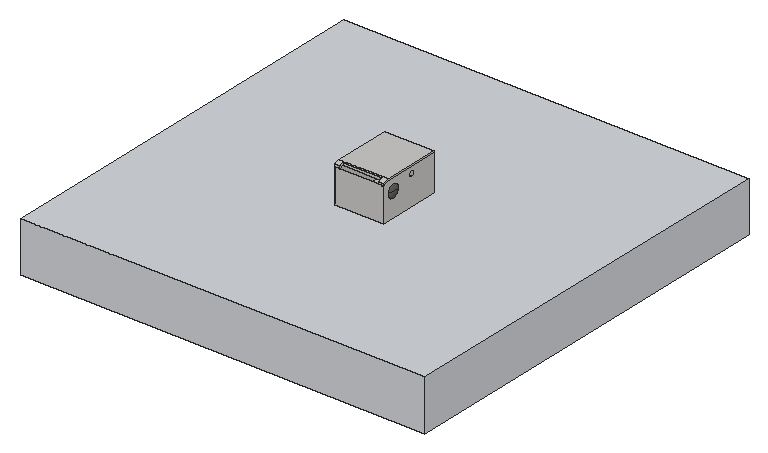
Revit family
Parameters (values of type "B-2860")
  URL = "http://www.bobrick.com"
  Type Comments = "Satin Finish"
  Model = "B-2860"
  Manufacturer = "Bobrick Washroom Equipment, Inc."
  Finish Material = Stainless Steel - Bobrick - Satin
  Description = "Surface-Mounted Roll Towel Dispenser"
  Default Elevation = 5' - 0"
  Assembly Code = "C1030200"
  ADA Compliant = yes
Types (2): name | Description | Default Elevation
  B-2860 | "Surface-Mounted Roll Towel Dispenser" | 5' - 0"
  Roll_Towel_Dispenser-Bobrick-B2860-Surface_Mounted | "" | 4' - 0"
Reference planes (in)
  plane 1 "Center (Front/Back)": y = 0
  plane 2: z = 0
  plane 3 "Center (Left/Right)": x = 0
  plane 4 "Left": x = -5.84375
  plane 5 "Right": x = 5.84375
  plane 6 "Top": y = 7.5
  plane 7 "Bottom": y = -7.5
  plane 8: z = 8.9375
  plane 9: z = 8.4375
  plane 10: z = 7.1875
  plane 11: z = 8.0625
  plane 12: x = 5.78125
  plane 13: y = 3.1875
  plane 14: y = 2.8125
  plane 15: y = 0.625
  plane 16: y = -4.75
  plane 17: y = -6.25
  plane 18: z = 5.875
  plane 19: x = -5.78125
  plane 20: x = -4.65625
  plane 21: x = 4.65625
  plane 22: y = -6.5
  plane 23: y = -7.4375
  plane 24: y = 7.4375
  plane 25: z = 0.0625
  plane 26: x = 6.21875
  plane 27: x = 5.96875
  plane 28: z = 5.1875
Forms (in)
  Extrusion 1, solid
    sketch origin (0, 0, 0) x (1, 0, 0) y (0, 1, 0)
      loop
        line (-48, 48) -> (-48, -48) -> (48, -48) -> (48, 48) -> (-48, 48)
    from 0 to -12
  Extrusion 2, solid, material "Stainless Steel - Bobrick - Satin" <- "Finish Material"
    sketch origin (0, 0, 0) x (0, -1, 0) y (0, 0, -1)
      loop
        line (-7.5, 0) -> (-7.5, -8.4375) -> (6.10048, -8.4375) -> (7.5, -8.0625) -> (7.5, 0) -> (-7.5, 0)
    from 5.78125 to 5.84375
  Extrusion 3, solid, material "Stainless Steel - Bobrick - Satin" <- "Finish Material"
    sketch origin (-8.75, 0, 0) x (0, -1, 0) y (0, 0, -1)
      loop
        line (-7.5, 0) -> (-7.5, -8.4375) -> (6.10048, -8.4375) -> (7.5, -8.0625) -> (7.5, 0) -> (-7.5, 0)
    from 2.90625 to 2.96875
  Extrusion 4, solid, material "Stainless Steel - Bobrick - Satin" <- "Finish Material"
    sketch origin (0, 0, 0) x (0, 1, 0) y (0, 0, 1)
      loop
        line (7.5, 8.4375) -> (7.5, 8.9375) -> (-6.10048, 8.9375) -> (-7.5, 8.5625) -> (-7.5, 8.0625) -> (-6.10048, 8.4375) -> (7.5, 8.4375)
    from -5.84375 to 5.84375
  Extrusion 5, void
    sketch origin (0, 0, 0) x (1, 0, 0) y (0, 1, 0)
      loop
        line (-4.65625, -6.5) -> (-4.65625, -7.5) -> (4.65625, -7.5) -> (4.65625, -6.5) -> (-4.65625, -6.5)
    from 8.0625 to 8.9375
  Extrusion 6, solid, material "Stainless Steel - Bobrick - Satin" <- "Finish Material"
    sketch origin (0, 0, 0) x (0, 1, 0) y (0, 0, 1)
      loop
        line (7.5, 8.4375) -> (7.4375, 8.4375) -> (7.4375, 0) -> (7.5, 0) -> (7.5, 8.4375)
    from -5.84375 to 5.84375
  Extrusion 7, solid, material "Stainless Steel - Bobrick - Satin" <- "Finish Material"
    sketch origin (0, 0, 0) x (1, 0, 0) y (0, 1, 0)
      loop
        line (-5.84375, 7.5) -> (-5.84375, -7.5) -> (5.84375, -7.5) -> (5.84375, 7.5) -> (-5.84375, 7.5)
    from 0 to 0.0625
  Extrusion 8, solid, material "Stainless Steel - Bobrick - Satin" <- "Finish Material"
    sketch origin (0, 0, 0) x (0, 1, 0) y (0, 0, 1)
      loop
        line (-7.5, 0) -> (-7.4375, 0) -> (-7.4375, 8.07925) -> (-7.5, 8.0625) -> (-7.5, 0)
    from -5.84375 to 5.84375
  Revolve 9, solid, material "Paint - Bobrick - Black", detail levels medium+fine
    sketch origin (0, 0, 5.875) x (1, 0, 0) y (0, 1, 0)
      loop
        line (6.21875, -4.75) -> (5.84375, -4.75) -> (5.84375, -6.3125)
        arc (5.84375, -6.3125) -> (6.12369, -5.55344) -> (6.21875, -4.75) r 3.44271
      axis (5.84375, -4.75) -> (6.21875, -4.75)
    angle from 0 to 360
  Extrusion 10, solid, material "Stainless Steel - Bobrick - Satin" <- "Finish Material", detail levels fine
    sketch origin (0, 0, 0) x (0, 1, 0) y (0, 0, 1)
      loop
        circle (0.625, 7.1875) r 0.46875
    from 5.84375 to 5.96875
Cuts and joins
  Extrusion 5 cuts Extrusion 4
  joined: Extrusion 2, Extrusion 3, Extrusion 6, Extrusion 7, Extrusion 8
Lines and regions (in)
  Masking region 1
    outline origin (0, 0, 0) x (1, 0, 0) y (0, 1, 0)
      loop
        line (-5.84375, 7.5) -> (-5.84375, -7.5) -> (5.84375, -7.5) -> (5.84375, 7.5) -> (-5.84375, 7.5)
  Masking region 2, detail levels fine
    outline origin (0, 0, 0) x (1, 0, 0) y (0, 1, 0)
      loop
        line (5.84375, -3.1875) -> (5.84375, -6.3125)
        arc (5.84375, -6.3125) -> (6.21875, -4.75) -> (5.84375, -3.1875) r 3.44271
  Masking region 3, detail levels fine
    outline origin (0, 0, 0) x (1, 0, 0) y (0, 1, 0)
      loop
        line (5.84375, 1.09375) -> (5.84375, 0.15625) -> (5.96875, 0.15625) -> (5.96875, 1.09375) -> (5.84375, 1.09375)
  Masking region 4
    outline origin (0, 0, 0) x (1, 0, 0) y (0, 0, 1)
      loop
        line (-5.84375, 8.9375) -> (-5.84375, 0) -> (5.84375, 0) -> (5.84375, 8.9375) -> (-5.84375, 8.9375)
  Masking region 5, detail levels fine
    outline origin (0, 0, 0) x (1, 0, 0) y (0, 0, 1)
      loop
        line (5.84375, 7.4375) -> (5.84375, 4.3125)
        arc (5.84375, 4.3125) -> (6.21875, 5.875) -> (5.84375, 7.4375) r 3.44271
  Masking region 6
    outline origin (0, 0, 0) x (0, 1, 0) y (0, 0, 1)
      loop
        line (7.5, 0) -> (7.5, 8.9375) -> (-6.10048, 8.9375) -> (-7.5, 8.5625) -> (-7.5, 0) -> (7.5, 0)
  symbolic lines, style "Restroom Accessories"
    curve 1: line (-4.65625, -7.5, 0) -> (-4.65625, -6.5, 0)
    curve 2: line (-4.65625, -6.5, 0) -> (4.65625, -6.5, 0)
    curve 3: line (4.65625, -6.5, 0) -> (4.65625, -7.5, 0)
    curve 4: line (-5.84375, 0, 8.4375) -> (5.84375, 0, 8.4375)
    curve 5: line (0, -6.10048, 8.4375) -> (0, -7.5, 8.0625)
    curve 6: line (0, 7.5, 8.4375) -> (0, -6.10048, 8.4375)
  symbolic lines, style "Restroom Accessories", detail levels fine
    curve 7: arc (0, -6.3125, 5.875) -> (0, -4.75, 4.3125) -> (0, -3.1875, 5.875) r 1.5625
    curve 8: arc (0, -3.1875, 5.875) -> (0, -4.75, 7.4375) -> (0, -6.3125, 5.875) r 1.5625
    curve 9: arc (0, 0.15625, 7.1875) -> (0, 0.625, 6.71875) -> (0, 1.09375, 7.1875) r 0.46875
    curve 10: arc (0, 1.09375, 7.1875) -> (0, 0.625, 7.65625) -> (0, 0.15625, 7.1875) r 0.46875
    curve 11: arc (0, 3.1825, 7) -> (0, 2.995, 7.1875) -> (0, 2.8075, 7) r 0.1875
    curve 12: arc (0, 2.8075, 5.375) -> (0, 2.995, 5.1875) -> (0, 3.1825, 5.375) r 0.1875
    curve 13: line (0, 2.8075, 7) -> (0, 2.8075, 5.375)
    curve 14: line (0, 3.1825, 7) -> (0, 3.1825, 5.375)
Dimensions and locks (in)
  equal spacing: plane 4 "Left", plane 3 "Center (Left/Right)", plane 5 "Right"
  locked: plane 4 "Left" to plane 5 "Right" at 11.6875
  equal spacing: plane 6 "Top", plane 1 "Center (Front/Back)", plane 7 "Bottom"
  locked: plane 6 "Top" to plane 7 "Bottom" at 15
  locked: plane 8 to plane 2 at 8.9375
  locked: plane 8 to plane 9 at 0.5
  locked: plane 8 to plane 10 at 1.75
  plane 5 "Right" to plane 4 "Left" = 0' - 11 11/16"
  plane 6 "Top" to plane 7 "Bottom" = 1' - 3"
  locked: plane 11 to plane 2 at 8.0625
  locked: plane 12 to plane 5 "Right" at 0.0625
  locked: plane 13 to plane 6 "Top" at 4.3125
  locked: plane 14 to plane 13 at 0.375
  locked: plane 15 to plane 6 "Top" at 6.875
  locked: plane 7 "Bottom" to plane 16 at 2.75
  locked: plane 7 "Bottom" to plane 17 at 1.25
  locked: plane 8 to plane 18 at 3.0625
  plane 13 to plane 6 "Top" = 0' - 4 5/16"
  plane 7 "Bottom" to plane 16 = 0' - 2 3/4"
  plane 7 "Bottom" to plane 17 = 0' - 1 1/4"
  plane 14 to plane 13 = 0' - 0 3/8"
  plane 15 to plane 6 "Top" = 0' - 6 7/8"
  plane 8 to plane 10 = 0' - 1 3/4"
  locked: plane 4 "Left" to plane 20 at 1.1875
  locked: plane 5 "Right" to plane 21 at 1.1875
  locked: plane 4 "Left" to plane 19 at 0.0625
  locked: plane 7 "Bottom" to plane 22 at 1
  locked: plane 7 "Bottom" to plane 23 at 0.0625
  locked: plane 6 "Top" to plane 24 at 0.0625
  locked: plane 25 to plane 2 at 0.0625
  plane 8 to plane 18 = 0' - 3 1/16"
  locked: plane 5 "Right" to plane 26 at 0.375
  locked: plane 27 to plane 5 "Right" at 0.125
  plane 10 to plane 28 = 0' - 2"
  locked: Extrusion 4 sketch curve to plane 17 at 0.14952  (x2)
  locked: Extrusion 4 sketch curve to plane 9 at 0.125
  locked: Extrusion 2 sketch curve to plane 17 at 0.14952
  locked: Revolve 9 sketch curve to plane 5 "Right" at 3.06771
  locked: plane 16 to Revolve 9 sketch curve at 1.5625
  locked: Extrusion 3 sketch curve to plane 17 at 0.14952
  aligned and locked: Extrusion 1 to plane 2
  aligned and locked: level to Extrusion 1
  aligned and locked: Extrusion 3 to plane 19
  aligned and locked: Extrusion 3 to plane 4 "Left"
  aligned and locked: Extrusion 4 sketch curve to Extrusion 2  (x2)
  aligned: Extrusion 2 to Extrusion 4 sketch curve
  aligned and locked: plane 8 to Extrusion 4 sketch curve  (x2)
  aligned and locked: Extrusion 4 to plane 4 "Left"
  aligned and locked: plane 5 "Right" to Extrusion 4
  aligned and locked: Extrusion 5 sketch curve to plane 22
  aligned and locked: Extrusion 5 sketch curve to plane 20
  aligned and locked: Extrusion 5 sketch curve to plane 7 "Bottom"
  aligned and locked: Extrusion 5 sketch curve to plane 21
  aligned and locked: Extrusion 4 to Extrusion 5
  aligned and locked: Extrusion 5 to plane 11
  aligned and locked: Extrusion 6 sketch curve to Extrusion 2
  aligned: Extrusion 2 to Extrusion 6 sketch curve
  aligned and locked: Extrusion 6 sketch curve to plane 2
  aligned and locked: Extrusion 6 sketch curve to plane 24
  aligned and locked: Extrusion 6 to plane 4 "Left"
  aligned and locked: plane 5 "Right" to Extrusion 6
  aligned and locked: Extrusion 7 to plane 2
  aligned and locked: plane 25 to Extrusion 7
  aligned and locked: Extrusion 8 sketch curve to cut or joined group of Extrusion 2, Extrusion 3, Extrusion 6, Extrusion 7, Extrusion 8
  aligned and locked: plane 23 to Extrusion 8 sketch curve
  aligned and locked: cut or joined group of Extrusion 2, Extrusion 3, Extrusion 6, Extrusion 7, Extrusion 8 to Extrusion 8 sketch curve
  aligned and locked: Extrusion 8 to plane 4 "Left"
  aligned and locked: plane 5 "Right" to Extrusion 8
  aligned and locked: Revolve 9 sketch curve to Revolve 9 sketch curve
  aligned and locked: Extrusion 10 to plane 5 "Right"
  aligned and locked: plane 27 to Extrusion 10
  aligned and locked: Masking region 2 sketch curve to Revolve 9
  aligned and locked: Masking region 3 sketch curve to Extrusion 10  (x2)
  aligned and locked: Masking region 5 sketch curve to Revolve 9
  aligned and locked: Masking region 6 sketch curve to plane 8
  aligned and locked: Masking region 6 sketch curve to plane 7 "Bottom"
  aligned and locked: curve 5 to cut or joined group of Extrusion 2, Extrusion 3, Extrusion 6, Extrusion 7, Extrusion 8
  aligned and locked: curve 7 to Revolve 9
  aligned and locked: curve 8 to Revolve 9
  aligned and locked: curve 9 to Extrusion 10
  aligned and locked: curve 10 to Extrusion 10
  aligned and locked: plane 9 to cut or joined group of Extrusion 2, Extrusion 3, Extrusion 6, Extrusion 7, Extrusion 8
  aligned and locked: plane 9 to Extrusion 4 sketch curve
  aligned and locked: plane 11 to Extrusion 4 sketch curve
  aligned and locked: Extrusion 7 sketch curve to plane 6 "Top"
  aligned and locked: Extrusion 7 sketch curve to plane 5 "Right"
  aligned and locked: plane 4 "Left" to Extrusion 7 sketch curve
  aligned and locked: Extrusion 7 sketch curve to plane 7 "Bottom"
  aligned and locked: Extrusion 2 sketch curve to plane 6 "Top"
  aligned and locked: Extrusion 2 sketch curve to plane 9
  aligned and locked: plane 7 "Bottom" to Extrusion 2 sketch curve  (x2)
  aligned and locked: Extrusion 2 sketch curve to plane 2
  aligned and locked: plane 9 to Extrusion 2 sketch curve
  aligned and locked: plane 11 to Extrusion 2 sketch curve
  aligned and locked: cut or joined group of Extrusion 2, Extrusion 3, Extrusion 6, Extrusion 7, Extrusion 8 to plane 12  (x2)
  aligned and locked: plane 5 "Right" to cut or joined group of Extrusion 2, Extrusion 3, Extrusion 6, Extrusion 7, Extrusion 8
  aligned and locked: plane 15 to Extrusion 10 sketch curve
  aligned and locked: plane 10 to Extrusion 10 sketch curve
  aligned and locked: plane 16 to Revolve 9 sketch curve  (x2)
  aligned and locked: Revolve 9 sketch curve to plane 5 "Right"
  aligned and locked: plane 26 to Revolve 9 sketch curve
  aligned and locked: plane 2 to Extrusion 8 sketch curve
  aligned and locked: Extrusion 3 sketch curve to plane 6 "Top"
  aligned and locked: Extrusion 3 sketch curve to plane 9
  aligned and locked: Extrusion 3 sketch curve to plane 2
  aligned and locked: plane 7 "Bottom" to Extrusion 3 sketch curve  (x2)
  aligned and locked: plane 9 to Extrusion 3 sketch curve
  aligned and locked: plane 11 to Extrusion 3 sketch curve
Automatic sketch dimensions
  Extrusion 1 sketch curve to Extrusion 1 sketch curve = 8' - 0"  (x2)
  plane 7 "Bottom" to curve 3 = 0' - 0"
  plane 7 "Bottom" to curve 1 = 0' - 0"
  curve 4 to plane 4 "Left" = 0' - 0"
  curve 4 to plane 5 "Right" = 0' - 0"
  Revolve 9 sketch curve to plane 5 "Right" = 0' - 0"
  Revolve 9 sketch curve to plane 26 = 0' - 0"
  Masking region 2 sketch curve to plane 16 = 0' - 0"
  Masking region 2 sketch curve to plane 21 = 0' - 1.88021"
  Masking region 2 sketch curve to plane 17 = 0' - 0 1/16"
  Masking region 3 sketch curve to plane 1 "Center (Front/Back)" = 0' - 0 5/32"
  plane 15 to Masking region 3 sketch curve = 0' - 0 15/32"
  Masking region 5 sketch curve to plane 18 = 0' - 0"
  Masking region 5 sketch curve to plane 21 = 0' - 1.88021"
  Masking region 5 sketch curve to plane 28 = 0' - 0 7/8"
  curve 5 to plane 7 "Bottom" = 0' - 0"
  curve 6 to plane 6 "Top" = 0' - 0"
  curve 13 to plane 14 = 0' - 0.005"
  curve 14 to plane 13 = 0' - 0.005"
  plane 28 to curve 12 = 0' - 0 3/16"
  plane 28 to curve 14 = 0' - 0 3/16"
  curve 13 to plane 10 = 0' - 0 3/16"
  plane 11 to curve 4 = 0' - 0 3/8"
  curve 1 to plane 20 = 0' - 0"
  curve 3 to plane 21 = 0' - 0"
  curve 2 to plane 22 = 0' - 0"
  Masking region 1 sketch curve to plane 4 "Left" = 0' - 0"
  Masking region 1 sketch curve to plane 5 "Right" = 0' - 0"
  plane 7 "Bottom" to Masking region 1 sketch curve = 0' - 0"
  Masking region 1 sketch curve to plane 6 "Top" = 0' - 0"
  Masking region 4 sketch curve to plane 4 "Left" = 0' - 0"
  Masking region 4 sketch curve to plane 8 = 0' - 0"
  plane 17 to Masking region 6 sketch curve = 0' - 0.14952"
  plane 9 to Masking region 6 sketch curve = 0' - 0 1/8"
  curve 6 to plane 9 = 0' - 0"
  Masking region 4 sketch curve to level = 0' - 0"
  Masking region 4 sketch curve to plane 5 "Right" = 0' - 0"
  Masking region 6 sketch curve to plane 6 "Top" = 0' - 0"
  Masking region 6 sketch curve to level = 0' - 0"
  Extrusion 4 sketch curve to plane 6 "Top" = 0' - 0"
  Extrusion 6 sketch curve to plane 6 "Top" = 0' - 0"
  radius of Extrusion 10 sketch curve = 0' - 0 15/32"
